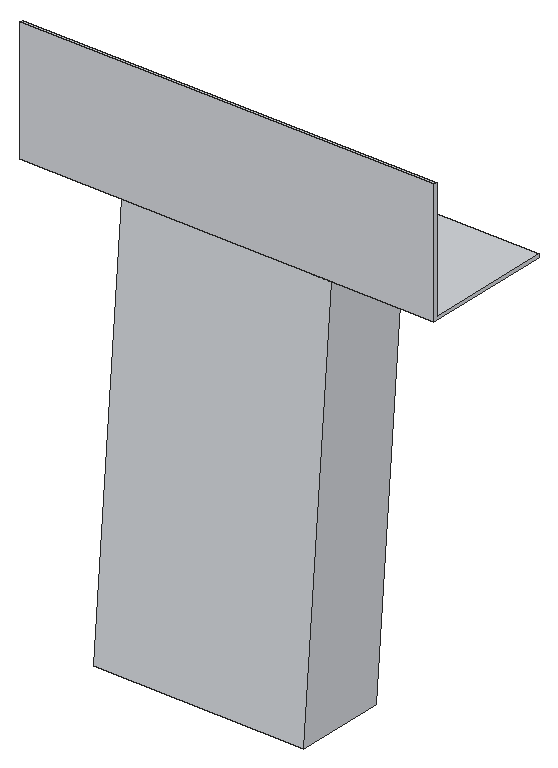
Revit family "Viking Roofspec Scupper 03 M15", category Pipe Fittings, host Face, Revit 2021
Family settings
  Host = Face
  Round Connector Dimension = Use Diameter
  Part Type = Cap
  Cut with Voids When Loaded = Yes
  Shared = No
Parameters (values of type "Scuppers - 200mm x 80mm")
  URL = "www.vikingroofspec.co.nz"
  Type Comments = "Viking Roofspec 200x80mm TPO scupper STP603, installed as per manufacturers instructions."
  Model = "STP603"
  Material = Viking Roofspec - Rubber/PVC White
  Manufacturer = "Viking Roofspec"  # constant formula
  Leg Cut Offset = 0 mm
  Leg Length Specified [instance] = 389 mm
  Leg Cut Width = 200 mm
  Leg Cut Height = 80 mm
  Flange Cut Width = 5 mm
  Flange Cut Length = 5 mm
  Default Elevation = 0 mm
  Component = STP603 : STP603
Reference planes
  plane 1 "Center (Front/Back)": y = 0
  plane 2: z = 0
  plane 3 "Center (Left/Right)": x = 0
  plane 4 "Pipe Connector": z = -116.857
  plane 5: x = -100
  plane 6: x = 100
  plane 7: y = -1.6
  plane 8: y = 78.4
  plane 9: y = -1.6
Forms (mm)
  Extrusion 1, void
    sketch origin (0, 0, 0) x (0, 1, 0) y (0, 0, 1)
      loop
        line (78.4, 0) -> (-1.6, 0) -> (-35.633, -389) -> (44.367, -389) -> (78.4, 0)
    from -100 to 100
  Extrusion 2, void
    sketch origin (0, 0, 0) x (1, 0, 0) y (0, 0, 1)
      loop
        line (-2.5, 5) -> (-2.5, 0) -> (2.5, 0) -> (2.5, 5) -> (-2.5, 5)
    from 0 to 1.6
Lines and regions (mm)
  reference lines
    curve 1: line (0, 78.4, -389) -> (0, -1.6, -389)
Dimensions and locks
  locked: host face to plane 4 "Pipe Connector" at 116.857
  "Leg Length Specified": plane 2 to curve 1
  equal spacing: plane 5, plane 3 "Center (Left/Right)", plane 6
  "Leg Cut Width": plane 5 to plane 6
  "Leg Cut Offset": plane 9 to plane 7
  "Leg Cut Height": plane 7 to plane 8
  locked: plane 9 to plane 1 "Center (Front/Back)" at 1.6
  equal spacing: Extrusion 2 sketch curve, plane 3 "Center (Left/Right)", Extrusion 2 sketch curve
  "Flange Cut Width": Extrusion 2 sketch curve to Extrusion 2 sketch curve
  "Flange Cut Length": Extrusion 2 sketch curve to host face
  locked: Extrusion 1 sketch curve to level (angle 95.00°)  (x2)
  aligned and locked: plane 2 to host face
  aligned and locked: level to host face
  aligned and locked: level to Extrusion 1 sketch curve
  aligned and locked: plane 7 to Extrusion 1 sketch curve
  aligned and locked: plane 8 to Extrusion 1 sketch curve
  aligned and locked: Extrusion 1 sketch curve to level
  aligned and locked: curve 1 to Extrusion 1 sketch curve
  aligned and locked: plane 8 to curve 1
  aligned and locked: plane 7 to curve 1
  aligned and locked: Extrusion 2 to level
  aligned and locked: plane 6 to Extrusion 1
  aligned and locked: Extrusion 1 to plane 5
Automatic sketch dimensions
  host sketch curve to host sketch curve = 2438.4 mm  (x2)
  Extrusion 2 sketch curve to level = 0 mm
Nested families
  nested 1: "STP603" at (0, -0.006, 0), Leg Length Specified <- "Leg Length Specified", Material <- "Material", type <- "Component", type "STP603"
    with Real Leg Length 389 mm, Material Viking Roofspec - Rubber/PVC White, Leg Length Specified 389 mm
Definition of nested family "STP603"
  Parameters (values of type "STP603")
    Real Leg Length [instance] = if(Leg Length Specified < 100 mm, 100 mm, if(Leg Length Specified > 389 mm, 389 mm, Leg Length Specified))  # 389 mm
    Material [instance] = none
    Manufacturer = "Viking Roofspec"  # constant formula
    Leg Length Specified [instance] = 389 mm
    Default Elevation = 1219.2 mm
  Reference planes
    plane 1 "Center (Front/Back)": y = 0
    plane 2: z = 0
    plane 3 "Center (Left/Right)": x = 0
    plane 4: z = -389
  Forms (mm)
    Extrusion 1, solid, material <- "Material"
      sketch origin (0, 0.006, -0.006) x (0, 0, -1) y (0, 1, 0)
        loop
          line (-119.006, -3) -> (0, -3) -> (0, 123.4) -> (-3, 123.4) -> (-3, 0) -> (-119.006, 0) -> (-119.006, -3)
      from -200 to 200
    Extrusion 2, solid, material <- "Material"
      sketch origin (0, 0.006, -0.006) x (0, 0, -1) y (0, 1, 0)
        loop
          line (0, 83.317) -> (0, -3.011) -> (388.994, -37.044) -> (388.994, 49.284) -> (0, 83.317)
      from -101.6 to 101.6
    Extrusion 3, void
      sketch origin (0, 0.006, -0.006) x (0, 0, -1) y (0, 1, 0)
        loop
          line (388.994, -34.032) -> (388.994, 46.274) -> (3.64, 79.988) -> (-9.861, 79.988) -> (-9.861, -0.012) -> (0.147, -0.012) -> (388.994, -34.032)
      from -100 to 100
  Cuts and joins
    Extrusion 3 cuts Extrusion 1
    Extrusion 3 cuts Extrusion 2
  Dimensions and locks
    "Real Leg Length": level to plane 4
    plane 1 "Center (Front/Back)" to Extrusion 2 sketch curve = 83.323 mm
    plane 1 "Center (Front/Back)" to Extrusion 3 sketch curve = 79.994 mm
    locked: Extrusion 2 sketch curve to level (angle 95.00°)
    locked: level to Extrusion 2 sketch curve (angle 85.00°)
    locked: Extrusion 3 sketch curve to level (angle 95.00°)
    locked: level to Extrusion 3 sketch curve (angle 85.00°)
    aligned and locked: level to plane 2
    aligned and locked: plane 4 to Extrusion 2
  Automatic sketch dimensions
    plane 1 "Center (Front/Back)" to Extrusion 1 sketch curve = 2.994 mm
    level to Extrusion 1 sketch curve = 2.994 mm
    Extrusion 1 sketch curve to level = 0.006 mm
    Extrusion 1 sketch curve to Extrusion 1 sketch curve = 3 mm
    Extrusion 3 sketch curve to level = 0.153 mm
    Extrusion 3 sketch curve to level = 3.646 mm
    level to Extrusion 3 sketch curve = 9.854 mm
    plane 1 "Center (Front/Back)" to Extrusion 3 sketch curve = 0.006 mm
    Extrusion 2 sketch curve to plane 4 = 0 mm
    Extrusion 2 sketch curve to level = 0.006 mm
    plane 1 "Center (Front/Back)" to Extrusion 2 sketch curve = 3.005 mm
    Extrusion 1 sketch curve to Extrusion 1 sketch curve = 116.006 mm
    Extrusion 1 sketch curve to plane 1 "Center (Front/Back)" = 123.406 mm
    plane 4 to Extrusion 3 sketch curve = 0 mm
